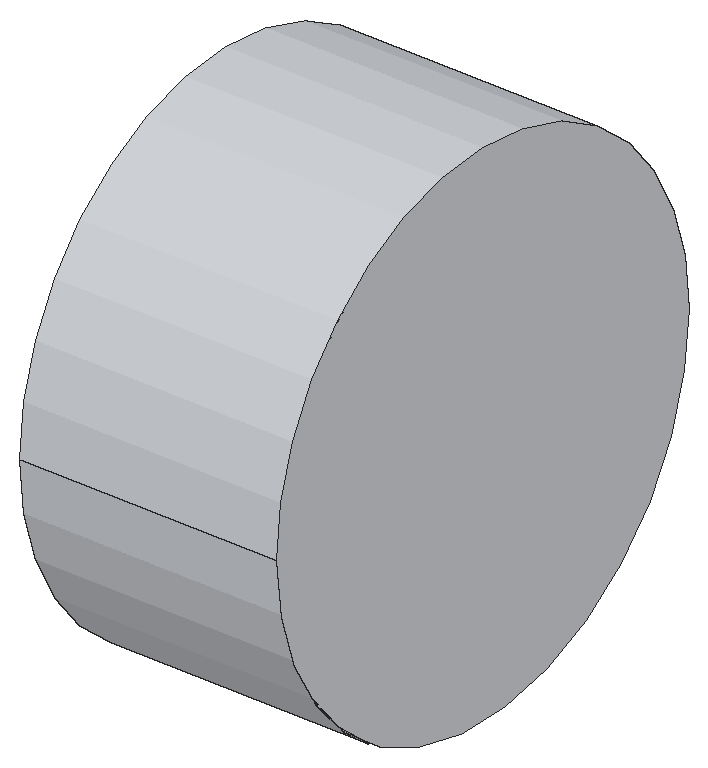
Revit family "M_Conexão - Genérico", category Conexões de tubo, Revit 2019
Family settings
  Cota do conector redondo = Usar raio
  Tipo de parte = União
  Número OmniClass = 23.60.30.11.14
  Título OmniClass = Pipework Fittings
  ID de item do Seek = Coupling - Generic-0000-CAN-ENU
  Com base no plano de trabalho = Não
  Sempre na vertical = Sim
  Corte com vazios quando carregada = Não
  Compartilhado = Não
Parameters (values of type "Padrão")
  Tamanho da marca de revisão [instance] = Diâmetro externo da conexão * 0.4  # 11.43 mm
  Raio nominal [instance] = 12.5 mm
  Diâmetro nominal [instance] = Raio nominal * 2  # 25 mm
  Método de perda = Não definido
  Nome da tabela de pesquisa = "M_Pipe Fitting - Generic"
  Comprimento [instance] = Raio externo da conexão  # 14.288 mm
  Raio externo da conexão [instance] = Diâmetro externo da conexão / 2  # 14.288 mm
  Diâmetro externo da conexão [instance] = size_lookup(Nome da tabela de pesquisa, "FOD", Diâmetro nominal + 3.175 mm, Diâmetro nominal)  # 28.575 mm
Reference planes
  plane 1 "Centro (Frente/Trás)": y = 0
  plane 2: z = 0
  plane 3 "Centro (Esquerda/Direita)": x = 0
  plane 4: x = -7.144
  plane 5: x = 7.144
  plane 6: y = 11.43
  plane 7: y = -11.43
Forms (mm)
  Extrusion 1, solid, detail levels fine
    sketch origin (0, 0, 0) x (0, 1, 0) y (0, 0, 1)
      loop
        circle (0, 0) r 14.288
    from -7.144 to 7.144
Lines and regions (mm)
  model lines, detail levels coarse+medium
    curve 1: line (-7.144, 0, 0) -> (7.144, 0, 0)
    curve 2: line (-7.144, 11.43, 0) -> (-7.144, -11.43, 0)
    curve 3: line (7.144, 11.43, 0) -> (7.144, -11.43, 0)
Dimensions and locks
  equal spacing: plane 4, plane 3 "Centro (Esquerda/Direita)", plane 5
  "Comprimento": plane 4 to plane 5
  "Tamanho da marca de revisão": plane 6 to plane 1 "Centro (Frente/Trás)"
  "Tamanho da marca de revisão": plane 7 to plane 1 "Centro (Frente/Trás)"
  "Raio externo da conexão": radius of Extrusion 1 sketch curve
  aligned and locked: plane 2 to Extrusion 1 sketch curve
  aligned and locked: plane 1 "Centro (Frente/Trás)" to Extrusion 1 sketch curve
  aligned and locked: Extrusion 1 to plane 4
  aligned and locked: Extrusion 1 to plane 5
  aligned and locked: plane 6 to curve 2
  aligned and locked: plane 7 to curve 2
  aligned and locked: curve 2 to plane 4
  aligned and locked: plane 6 to curve 3
  aligned and locked: plane 7 to curve 3
  aligned and locked: plane 5 to curve 3
  aligned and locked: plane 4 to curve 1
  aligned and locked: plane 5 to curve 1
  aligned and locked: plane 1 "Centro (Frente/Trás)" to curve 1
Connectors
  piping at (-7.144, 0, 0), diameter 25, driven by "Raio nominal"
    settings: on Extrusion 1, index 1, connector inside diameter 25 mm, connector length 0 mm, flow factor 0, pipe flow 0.0 L/s, pressure drop 0.0 Pa, fitting loss kfactor 0, connector angle 0.00°, fixture units 0, engagement length 0 mm, angle of deflection 0.00°, flow configuration 0, flow direction 0, fitting loss method 0, system type 28, joint type 0, gender type 0, connector reference index 2, connector utility 0, adjustable connector no, is connector primary yes, connector description ""
  piping at (7.144, 0, 0), diameter 25, driven by "Raio nominal"
    settings: on Extrusion 1, index 2, connector inside diameter 25 mm, connector length 0 mm, flow factor 0, pipe flow 0.0 L/s, pressure drop 0.0 Pa, fitting loss kfactor 0, connector angle 0.00°, fixture units 0, engagement length 0 mm, angle of deflection 0.00°, flow configuration 0, flow direction 0, fitting loss method 0, system type 28, joint type 0, gender type 0, connector reference index 1, connector utility 0, adjustable connector no, is connector primary no, connector description ""
